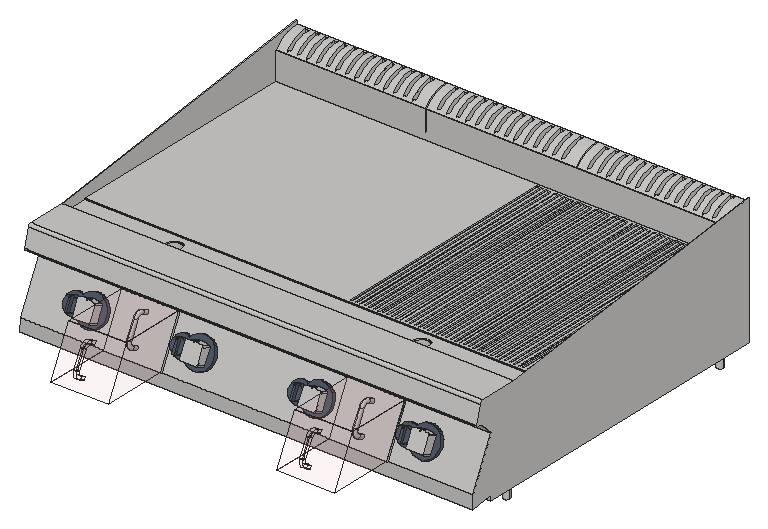
Revit family "QF_ZANUSSI_392407_Z9IIMAAOMIA", category Specialty Equipment, Revit 2018 (continued)
Lines and regions (mm)
  symbolic lines
    curve 353: line (1122.87, -81.438, 0) -> (1122.87, -696.406, 0)
    curve 354: line (1128.87, -696.406, 0) -> (1128.87, -81.438, 0)
    curve 355: line (1134.87, -81.438, 0) -> (1134.87, -696.406, 0)
    curve 356: line (1140.87, -696.406, 0) -> (1140.87, -81.438, 0)
    curve 357: line (1170.87, -81.438, 0) -> (1170.87, -696.406, 0)
    curve 358: line (1176.87, -696.406, 0) -> (1176.87, -81.438, 0)
    curve 359: line (1182.87, -81.438, 0) -> (1182.87, -696.406, 0)
    curve 360: line (1188.87, -696.406, 0) -> (1188.87, -81.438, 0)
    curve 361: line (942.87, -81.438, 0) -> (942.87, -696.406, 0)
    curve 362: line (936.87, -696.406, 0) -> (936.87, -81.438, 0)
    curve 363: line (1146.87, -81.438, 0) -> (1146.87, -696.406, 0)
    curve 364: line (1152.87, -696.406, 0) -> (1152.87, -81.438, 0)
    curve 365: line (1158.87, -81.438, 0) -> (1158.87, -696.406, 0)
    curve 366: line (1164.87, -696.406, 0) -> (1164.87, -81.438, 0)
  symbolic lines, style "QF_Clearances"
    curve 166: line (-150, -915, 0) -> (0, -915, 0)
    curve 167: line (1200, -915, 0) -> (1350, -915, 0)
  symbolic lines, style "QF_Drawer Clearance"
    curve 225: line (224, -915, 0) -> (224, -1092.967, 0)
    curve 226: line (224, -1092.967, 0) -> (293.848, -1092.967, 0)
    curve 227: line (293.848, -1092.967, 0) -> (293.848, -1106, 0)
    curve 228: line (293.848, -1106, 0) -> (303.238, -1106, 0)
    curve 229: line (303.238, -1106, 0) -> (303.238, -1092.967, 0)
    curve 230: line (303.238, -1092.967, 0) -> (376.37, -1092.967, 0)
    curve 231: line (376.37, -1092.967, 0) -> (376.37, -915, 0)
    curve 232: line (824, -915, 0) -> (824, -1092.967, 0)
    curve 233: line (824, -1092.967, 0) -> (893.848, -1092.967, 0)
    curve 234: line (893.848, -1092.967, 0) -> (893.848, -1106, 0)
    curve 235: line (893.848, -1106, 0) -> (903.238, -1106, 0)
    curve 236: line (903.238, -1106, 0) -> (903.238, -1092.967, 0)
    curve 237: line (903.238, -1092.967, 0) -> (976.37, -1092.967, 0)
    curve 238: line (976.37, -1092.967, 0) -> (976.37, -915, 0)
Dimensions and locks
  equal spacing: plane 3 "LEFT", plane 7 "Center Y", plane 4 "RIGHT"
  plane 3 "LEFT" to plane 4 "RIGHT" = 1200 mm
  equal spacing: plane 5 "FRONT", plane 8 "Center X", plane 1 "BACK"
  plane 5 "FRONT" to plane 1 "BACK" = 915 mm
  plane 6 "TOP" to plane 10 = 250 mm  (x2)
  plane 1 "BACK" to plane 9 = 1106 mm  (x3)
  plane 10 to level = 24 mm  (x2)
  plane 11 to plane 10 = 266 mm
  cut or joined group of Extrusion 1, Extrusion 3, Extrusion 4, Extrusion 8, Extrusion 9, Extrusion 27, Extrusion 39 to Extrusion 6 = 274 mm
  plane 12 to level = 410 mm  (x2)
  plane 16 to Extrusion 2 = 369 mm
  plane 13 to plane 3 "LEFT" = 11 mm
  locked: plane 14 to plane 4 "RIGHT" at 11
  plane 1 "BACK" to plane 5 "FRONT" = 915 mm
  plane 10 to Extrusion 5 = 621 mm
  plane 1 "BACK" to Extrusion 5 = 40 mm
  plane 1 "BACK" to Extrusion 2 to Extrusion 2 to plane 5 "FRONT" = 82 mm, 708 mm, 125 mm
  plane 13 to plane 14 = 1178 mm
  Extrusion 5 sketch curve to plane 4 "RIGHT" = 47 mm
  Extrusion 5 sketch curve to plane 1 "BACK" = 40 mm
  plane 15 to level = 900 mm
  plane 1 "BACK" to cut or joined group of Extrusion 1, Extrusion 3, Extrusion 4, Extrusion 8, Extrusion 9, Extrusion 27, Extrusion 39 = 900 mm
  plane 3 "LEFT" to Extrusion 3 = 1198.412 mm
  plane 15 to Extrusion 6 = 274 mm
  aligned and locked: level to plane 2
  aligned and locked: Extrusion 1 to plane 4 "RIGHT"
Automatic sketch dimensions
  Extrusion 1 sketch curve to plane 5 "FRONT" = 0 mm
  Extrusion 1 sketch curve to plane 15 = 0 mm
  Extrusion 1 sketch curve to plane 1 "BACK" = 0 mm
  Extrusion 1 sketch curve to plane 5 "FRONT" = 15.116 mm
  Extrusion 1 sketch curve to Extrusion 1 sketch curve = 2.884 mm
  Extrusion 1 sketch curve to plane 15 = 7.474 mm
  Extrusion 1 sketch curve to plane 5 "FRONT" = 28.167 mm
  Extrusion 1 sketch curve to Extrusion 1 sketch curve = 10.198 mm
  Extrusion 1 sketch curve to plane 5 "FRONT" = 56.355 mm
  Extrusion 1 sketch curve to Extrusion 1 sketch curve = 0.445 mm
  Extrusion 1 sketch curve to Extrusion 1 sketch curve = 3.2 mm
  Extrusion 1 sketch curve to Extrusion 1 sketch curve = 31.82 mm  (x2)
  Extrusion 1 sketch curve to Extrusion 1 sketch curve = 45.515 mm
  Extrusion 1 sketch curve to Extrusion 1 sketch curve = 0.827 mm
  Extrusion 1 sketch curve to Extrusion 1 sketch curve = 120.856 mm
  Extrusion 1 sketch curve to Extrusion 1 sketch curve = 27.08 mm
  Extrusion 1 sketch curve to Extrusion 1 sketch curve = 35 mm
  Extrusion 1 sketch curve to Extrusion 1 sketch curve = 10.259 mm
  Extrusion 2 sketch curve to plane 13 = 0 mm  (x2)
  Extrusion 2 sketch curve to plane 14 = 2 mm  (x2)
  Extrusion 2 sketch curve to plane 5 "FRONT" = 125 mm  (x2)
  plane 1 "BACK" to Extrusion 2 sketch curve = 82 mm  (x2)
  Extrusion 7 sketch curve to plane 15 = 21.588 mm
  Extrusion 7 sketch curve to plane 5 "FRONT" = 137.461 mm
  plane 1 "BACK" to Extrusion 7 sketch curve = 81.438 mm
  Extrusion 7 sketch curve to Extrusion 7 sketch curve = 1.587 mm
  plane 14 to Extrusion 8 sketch curve = 260.6 mm
  Extrusion 8 sketch curve to plane 5 "FRONT" = 171.264 mm
  Extrusion 9 sketch curve to plane 15 = 0 mm
  Extrusion 9 sketch curve to plane 1 "BACK" = 0 mm
  Extrusion 9 sketch curve to plane 16 = 0 mm
  Extrusion 9 sketch curve to plane 5 "FRONT" = 137.461 mm
  Extrusion 11 sketch curve to plane 15 = 0 mm
  Extrusion 11 sketch curve to plane 1 "BACK" = 0 mm
  plane 1 "BACK" to Extrusion 11 sketch curve = 4.947 mm
  Extrusion 11 sketch curve to plane 16 = 39 mm
  plane 1 "BACK" to Extrusion 11 sketch curve = 69.85 mm
  plane 15 to Extrusion 11 sketch curve = 4.793 mm
  plane 1 "BACK" to Extrusion 12 sketch curve = 6.761 mm  (x14)
  Extrusion 12 sketch curve to Extrusion 12 sketch curve = 57.15 mm
  Extrusion 12 sketch curve to Extrusion 12 sketch curve = 0 mm  (x13)
  plane 13 to Extrusion 12 sketch curve = 18.703 mm
  Extrusion 12 sketch curve to Extrusion 12 sketch curve = 9.296 mm  (x14)
  Extrusion 12 sketch curve to Extrusion 12 sketch curve = 16.193 mm  (x13)
  Extrusion 13 sketch curve to plane 15 = 0 mm
  Extrusion 13 sketch curve to plane 1 "BACK" = 0 mm
  plane 1 "BACK" to Extrusion 13 sketch curve = 4.947 mm
  Extrusion 13 sketch curve to plane 16 = 39 mm
  plane 1 "BACK" to Extrusion 13 sketch curve = 69.85 mm
  Extrusion 13 sketch curve to plane 16 = 8.3 mm
  plane 1 "BACK" to Extrusion 14 sketch curve = 6.761 mm  (x14)
  Extrusion 14 sketch curve to plane 7 "Center Y" = 21.274 mm
  Extrusion 14 sketch curve to Extrusion 14 sketch curve = 57.15 mm
  plane 7 "Center Y" to Extrusion 14 sketch curve = 4.214 mm
  Extrusion 14 sketch curve to Extrusion 14 sketch curve = 0 mm  (x13)
  Extrusion 14 sketch curve to Extrusion 14 sketch curve = 16.193 mm  (x12)
  Extrusion 14 sketch curve to Extrusion 14 sketch curve = 9.296 mm  (x14)
  plane 13 to Extrusion 15 sketch curve = 136 mm
  Extrusion 15 sketch curve to Extrusion 15 sketch curve = 2.997 mm  (x3)
  Extrusion 15 sketch curve to Extrusion 15 sketch curve = 20.003 mm  (x2)
  Extrusion 15 sketch curve to Extrusion 15 sketch curve = 40.005 mm
  Extrusion 15 sketch curve to Extrusion 15 sketch curve = 5.399 mm
  Extrusion 15 sketch curve to Extrusion 15 sketch curve = 40.037 mm
  Extrusion 15 sketch curve to Extrusion 15 sketch curve = 0 mm  (x2)
  plane 13 to Extrusion 16 sketch curve = 141.5 mm
  Extrusion 16 sketch curve to Extrusion 16 sketch curve = 35 mm  (x2)
  Extrusion 17 sketch curve to plane 5 "FRONT" = 9.329 mm
  Extrusion 17 sketch curve to plane 15 = 112.016 mm
  Extrusion 17 sketch curve to Extrusion 17 sketch curve = 3 mm
  Extrusion 17 sketch curve to Extrusion 17 sketch curve = 0 mm
  Extrusion 17 sketch curve to Extrusion 17 sketch curve = 1 mm  (x2)
  Extrusion 17 sketch curve to Extrusion 17 sketch curve = 15 mm
  plane 14 to Extrusion 18 sketch curve = 157 mm
  Extrusion 18 sketch curve to Extrusion 18 sketch curve = 2.997 mm  (x3)
  Extrusion 18 sketch curve to Extrusion 18 sketch curve = 20.003 mm  (x2)
  Extrusion 18 sketch curve to Extrusion 18 sketch curve = 40.005 mm
  Extrusion 18 sketch curve to Extrusion 18 sketch curve = 5.399 mm
  Extrusion 18 sketch curve to Extrusion 18 sketch curve = 40.037 mm
  Extrusion 18 sketch curve to Extrusion 18 sketch curve = 0 mm  (x2)
  plane 14 to Extrusion 19 sketch curve = 151.5 mm
  Extrusion 19 sketch curve to Extrusion 19 sketch curve = 35 mm  (x2)
  Extrusion 20 sketch curve to plane 5 "FRONT" = 9.329 mm
  Extrusion 20 sketch curve to plane 15 = 112.016 mm
  Extrusion 20 sketch curve to Extrusion 20 sketch curve = 3 mm
  Extrusion 20 sketch curve to Extrusion 20 sketch curve = 0 mm
  Extrusion 20 sketch curve to Extrusion 20 sketch curve = 1 mm  (x2)
  Extrusion 20 sketch curve to Extrusion 20 sketch curve = 15 mm
  plane 13 to Extrusion 21 sketch curve = 213 mm
  Extrusion 21 sketch curve to Extrusion 21 sketch curve = 135 mm
  Extrusion 21 sketch curve to Extrusion 21 sketch curve = 152 mm
  Sweep 22 sketch curve to plane 5 "FRONT" = 28.401 mm
  Sweep 22 sketch curve to plane 15 = 108.706 mm
  Sweep 22 sketch curve to Sweep 22 sketch curve = 10.999 mm  (x2)
  Sweep 22 sketch curve to Sweep 22 sketch curve = 46.803 mm
  Sweep 22 sketch curve to Sweep 22 sketch curve = 15.875 mm  (x2)
  Sweep 22 sketch curve to profile plane = 0 mm
  profile plane to Sweep 22 sketch curve = 4.691 mm
  plane 9 to Extrusion 23 sketch curve = 73.078 mm
  Extrusion 23 sketch curve to plane 15 = 87.017 mm
  Extrusion 23 sketch curve to Extrusion 23 sketch curve = 156.574 mm
  Extrusion 23 sketch curve to Extrusion 23 sketch curve = 57.244 mm
  Extrusion 23 sketch curve to Extrusion 23 sketch curve = 135 mm  (x2)
  Extrusion 24 sketch curve to Extrusion 24 sketch curve = 0 mm  (x6)
  plane 9 to Extrusion 24 sketch curve = 23.322 mm
  Extrusion 24 sketch curve to plane 15 = 105.731 mm
  Extrusion 24 sketch curve to Extrusion 24 sketch curve = 9.4 mm  (x2)
  Extrusion 24 sketch curve to Extrusion 24 sketch curve = 10.485 mm  (x2)
  Extrusion 24 sketch curve to Extrusion 24 sketch curve = 16.355 mm  (x2)
  Extrusion 24 sketch curve to Extrusion 24 sketch curve = 47.769 mm
  Extrusion 24 sketch curve to Extrusion 24 sketch curve = 0.014 mm
  Extrusion 24 sketch curve to Extrusion 24 sketch curve = 9.369 mm
  Extrusion 24 sketch curve to Extrusion 24 sketch curve = 0.044 mm
  Extrusion 25 sketch curve to plane 15 = 0 mm
  Extrusion 25 sketch curve to plane 1 "BACK" = 0 mm
  plane 1 "BACK" to Extrusion 25 sketch curve = 4.947 mm
  Extrusion 25 sketch curve to plane 16 = 39 mm
  plane 1 "BACK" to Extrusion 25 sketch curve = 69.85 mm
  Extrusion 25 sketch curve to plane 16 = 8.3 mm
  plane 1 "BACK" to Extrusion 26 sketch curve = 6.761 mm  (x14)
  Extrusion 26 sketch curve to Extrusion 26 sketch curve = 57.15 mm
  Extrusion 26 sketch curve to Extrusion 26 sketch curve = 0 mm  (x13)
  plane 7 "Center Y" to Extrusion 26 sketch curve = 225.796 mm
  Extrusion 26 sketch curve to Extrusion 26 sketch curve = 9.296 mm  (x14)
  Extrusion 26 sketch curve to Extrusion 26 sketch curve = 16.193 mm  (x13)
  Extrusion 27 sketch curve to plane 15 = 0 mm
  Extrusion 27 sketch curve to plane 1 "BACK" = 0 mm
  Extrusion 27 sketch curve to plane 16 = 0 mm
  Extrusion 27 sketch curve to plane 5 "FRONT" = 137.461 mm
  plane 7 "Center Y" to Extrusion 29 sketch curve = 224 mm
  Extrusion 29 sketch curve to Extrusion 29 sketch curve = 135 mm
  Extrusion 29 sketch curve to Extrusion 29 sketch curve = 152 mm
  Sweep 30 sketch curve to plane 5 "FRONT" = 28.401 mm
  Sweep 30 sketch curve to plane 15 = 108.706 mm
  Sweep 30 sketch curve to Sweep 30 sketch curve = 10.999 mm  (x2)
  Sweep 30 sketch curve to Sweep 30 sketch curve = 46.803 mm
  Sweep 30 sketch curve to Sweep 30 sketch curve = 15.875 mm  (x2)
  Sweep 30 sketch curve to profile plane = 0 mm
  profile plane to Sweep 30 sketch curve = 4.691 mm
  Extrusion 31 sketch curve to plane 7 "Center Y" = 168 mm
  Extrusion 31 sketch curve to Extrusion 31 sketch curve = 2.997 mm  (x3)
  Extrusion 31 sketch curve to Extrusion 31 sketch curve = 20.003 mm  (x2)
  Extrusion 31 sketch curve to Extrusion 31 sketch curve = 40.005 mm
  Extrusion 31 sketch curve to Extrusion 31 sketch curve = 5.399 mm
  Extrusion 31 sketch curve to Extrusion 31 sketch curve = 40.037 mm
  Extrusion 31 sketch curve to Extrusion 31 sketch curve = 0 mm  (x2)
  Extrusion 32 sketch curve to plane 7 "Center Y" = 162.5 mm
  Extrusion 32 sketch curve to Extrusion 32 sketch curve = 35 mm  (x2)
  Extrusion 33 sketch curve to plane 5 "FRONT" = 9.329 mm
  Extrusion 33 sketch curve to plane 15 = 112.016 mm
  Extrusion 33 sketch curve to Extrusion 33 sketch curve = 3 mm
  Extrusion 33 sketch curve to Extrusion 33 sketch curve = 0 mm
  Extrusion 33 sketch curve to Extrusion 33 sketch curve = 1 mm  (x2)
  Extrusion 33 sketch curve to Extrusion 33 sketch curve = 15 mm
  plane 7 "Center Y" to Extrusion 34 sketch curve = 144.5 mm
  Extrusion 34 sketch curve to Extrusion 34 sketch curve = 2.997 mm  (x3)
  Extrusion 34 sketch curve to Extrusion 34 sketch curve = 20.003 mm  (x2)
  Extrusion 34 sketch curve to Extrusion 34 sketch curve = 40.005 mm
  Extrusion 34 sketch curve to Extrusion 34 sketch curve = 5.399 mm
  Extrusion 34 sketch curve to Extrusion 34 sketch curve = 40.037 mm
  Extrusion 34 sketch curve to Extrusion 34 sketch curve = 0 mm  (x2)
  plane 7 "Center Y" to Extrusion 35 sketch curve = 150 mm
  Extrusion 35 sketch curve to Extrusion 35 sketch curve = 35 mm  (x2)
  Extrusion 36 sketch curve to plane 5 "FRONT" = 9.329 mm
  Extrusion 36 sketch curve to plane 15 = 112.016 mm
  Extrusion 36 sketch curve to Extrusion 36 sketch curve = 3 mm
  Extrusion 36 sketch curve to Extrusion 36 sketch curve = 0 mm
  Extrusion 36 sketch curve to Extrusion 36 sketch curve = 1 mm  (x2)
  Extrusion 36 sketch curve to Extrusion 36 sketch curve = 15 mm
  plane 9 to Extrusion 37 sketch curve = 73.078 mm
  Extrusion 37 sketch curve to plane 15 = 87.017 mm
  Extrusion 37 sketch curve to Extrusion 37 sketch curve = 156.574 mm
  Extrusion 37 sketch curve to Extrusion 37 sketch curve = 57.244 mm
  Extrusion 37 sketch curve to Extrusion 37 sketch curve = 135 mm  (x2)
  Extrusion 38 sketch curve to Extrusion 38 sketch curve = 0 mm  (x6)
  plane 9 to Extrusion 38 sketch curve = 23.322 mm
  Extrusion 38 sketch curve to plane 15 = 105.731 mm
  Extrusion 38 sketch curve to Extrusion 38 sketch curve = 9.4 mm  (x2)
  Extrusion 38 sketch curve to Extrusion 38 sketch curve = 10.485 mm  (x2)
  Extrusion 38 sketch curve to Extrusion 38 sketch curve = 16.355 mm  (x2)
  Extrusion 38 sketch curve to Extrusion 38 sketch curve = 47.769 mm
  Extrusion 38 sketch curve to Extrusion 38 sketch curve = 0.014 mm
  Extrusion 38 sketch curve to Extrusion 38 sketch curve = 9.369 mm
  Extrusion 38 sketch curve to Extrusion 38 sketch curve = 0.044 mm
  plane 13 to Extrusion 39 sketch curve = 260.6 mm
  Extrusion 39 sketch curve to plane 5 "FRONT" = 171.264 mm
  plane 13 to Extrusion 40 sketch curve = 113.505 mm
  Extrusion 40 sketch curve to Extrusion 40 sketch curve = 0 mm
  Extrusion 40 sketch curve to Extrusion 40 sketch curve = 46.19 mm
  Extrusion 40 sketch curve to Extrusion 40 sketch curve = 23.731 mm
  Extrusion 40 sketch curve to Extrusion 40 sketch curve = 13.991 mm
  plane 13 to Extrusion 41 sketch curve = 113.179 mm
  Extrusion 42 sketch curve to Extrusion 42 sketch curve = 0 mm  (x8)
  plane 13 to Extrusion 42 sketch curve = 116.354 mm
  Extrusion 42 sketch curve to Extrusion 42 sketch curve = 17.978 mm
  Extrusion 42 sketch curve to Extrusion 42 sketch curve = 14.541 mm
  Extrusion 42 sketch curve to Extrusion 42 sketch curve = 3.437 mm  (x2)
  Extrusion 42 sketch curve to Extrusion 42 sketch curve = 0.261 mm
  Extrusion 42 sketch curve to Extrusion 42 sketch curve = 2.381 mm
  Extrusion 43 sketch curve to plane 7 "Center Y" = 190.495 mm
  Extrusion 43 sketch curve to Extrusion 43 sketch curve = 0 mm
  Extrusion 43 sketch curve to Extrusion 43 sketch curve = 46.19 mm
  Extrusion 43 sketch curve to Extrusion 43 sketch curve = 23.731 mm
  Extrusion 43 sketch curve to Extrusion 43 sketch curve = 13.991 mm
  Extrusion 44 sketch curve to plane 7 "Center Y" = 190.821 mm
  Extrusion 45 sketch curve to Extrusion 45 sketch curve = 0 mm  (x8)
  Extrusion 45 sketch curve to plane 7 "Center Y" = 187.646 mm
  Extrusion 45 sketch curve to Extrusion 45 sketch curve = 17.978 mm
  Extrusion 45 sketch curve to Extrusion 45 sketch curve = 14.541 mm
  Extrusion 45 sketch curve to Extrusion 45 sketch curve = 3.437 mm  (x2)
  Extrusion 45 sketch curve to Extrusion 45 sketch curve = 0.261 mm
  Extrusion 45 sketch curve to Extrusion 45 sketch curve = 2.381 mm
  plane 7 "Center Y" to Extrusion 46 sketch curve = 122.005 mm
  Extrusion 46 sketch curve to Extrusion 46 sketch curve = 0 mm
  Extrusion 46 sketch curve to Extrusion 46 sketch curve = 46.19 mm
  Extrusion 46 sketch curve to Extrusion 46 sketch curve = 23.731 mm
  Extrusion 46 sketch curve to Extrusion 46 sketch curve = 13.991 mm
  plane 7 "Center Y" to Extrusion 47 sketch curve = 121.679 mm
  Extrusion 48 sketch curve to Extrusion 48 sketch curve = 0 mm  (x8)
  plane 7 "Center Y" to Extrusion 48 sketch curve = 124.854 mm
  Extrusion 48 sketch curve to Extrusion 48 sketch curve = 17.978 mm
  Extrusion 48 sketch curve to Extrusion 48 sketch curve = 14.541 mm
  Extrusion 48 sketch curve to Extrusion 48 sketch curve = 3.437 mm  (x2)
  Extrusion 48 sketch curve to Extrusion 48 sketch curve = 0.261 mm
  Extrusion 48 sketch curve to Extrusion 48 sketch curve = 2.381 mm
  plane 14 to Extrusion 49 sketch curve = 179.495 mm
  Extrusion 49 sketch curve to Extrusion 49 sketch curve = 0 mm
  Extrusion 49 sketch curve to Extrusion 49 sketch curve = 46.19 mm
  Extrusion 49 sketch curve to Extrusion 49 sketch curve = 23.731 mm
  Extrusion 49 sketch curve to Extrusion 49 sketch curve = 13.991 mm
  plane 14 to Extrusion 50 sketch curve = 179.821 mm
  Extrusion 51 sketch curve to Extrusion 51 sketch curve = 0 mm  (x8)
  plane 14 to Extrusion 51 sketch curve = 176.646 mm
  Extrusion 51 sketch curve to Extrusion 51 sketch curve = 17.978 mm
  Extrusion 51 sketch curve to Extrusion 51 sketch curve = 14.541 mm
  Extrusion 51 sketch curve to Extrusion 51 sketch curve = 3.437 mm  (x2)
  Extrusion 51 sketch curve to Extrusion 51 sketch curve = 0.261 mm
  Extrusion 51 sketch curve to Extrusion 51 sketch curve = 2.381 mm
  plane 5 "FRONT" to curve 166 = 0 mm
  curve 128 to plane 3 "LEFT" = 0 mm
  plane 1 "BACK" to curve 9 = 0 mm
  plane 5 "FRONT" to curve 161 = 0 mm
  curve 227 to plane 9 = 0 mm
  curve 127 to plane 7 "Center Y" = 0 mm
  curve 235 to plane 9 = 0 mm
  plane 5 "FRONT" to curve 162 = 0 mm
  curve 162 to plane 4 "RIGHT" = 0 mm
  curve 3 to curve 6 = 150 mm
  plane 3 "LEFT" to curve 9 = 1.588 mm
  plane 13 to curve 13 = 18.703 mm
  curve 14 to curve 12 = 9.296 mm
  curve 12 to curve 16 = 16.193 mm
  curve 16 to curve 19 = 9.296 mm
  plane 1 "BACK" to curve 23 = 6.761 mm
  curve 17 to curve 23 = 16.193 mm
  curve 21 to curve 21 = 9.296 mm
  plane 1 "BACK" to curve 26 = 6.761 mm
  curve 20 to curve 26 = 16.193 mm
  curve 25 to curve 25 = 9.296 mm
  plane 5 "FRONT" to curve 273 = 4.508 mm
  plane 13 to curve 273 = 110.004 mm
  curve 275 to curve 274 = 6.35 mm
  plane 1 "BACK" to curve 31 = 6.761 mm
  curve 24 to curve 31 = 16.193 mm
  curve 29 to curve 29 = 9.296 mm
  plane 5 "FRONT" to curve 129 = 9.347 mm
  curve 275 to curve 129 = 19.646 mm
  curve 129 to curve 130 = 0.809 mm
  curve 133 to curve 133 = 1.583 mm
  curve 130 to curve 131 = 1.846 mm
  curve 130 to curve 144 = 2.189 mm
  curve 28 to curve 33 = 16.193 mm
  curve 129 to curve 132 = 11.892 mm
  curve 33 to curve 32 = 9.296 mm
  curve 136 to plane 5 "FRONT" = 9.329 mm
  curve 133 to curve 136 = 20.417 mm
  plane 9 to curve 134 = 32.481 mm
  curve 144 to curve 134 = 19.134 mm
  curve 134 to curve 143 = 1.738 mm
  curve 135 to curve 136 = 2 mm
  curve 132 to curve 141 = 22.215 mm
  curve 32 to curve 38 = 16.193 mm
  curve 136 to curve 144 = 19.003 mm
  curve 140 to curve 140 = 0.343 mm
  curve 140 to curve 142 = 1.071 mm
  curve 37 to curve 36 = 9.296 mm
  curve 140 to curve 139 = 2.189 mm
  curve 139 to curve 138 = 0.809 mm
  plane 1 "BACK" to curve 40 = 6.761 mm
  curve 36 to curve 40 = 16.193 mm
  curve 40 to curve 42 = 9.296 mm
  plane 9 to curve 225 = 13.033 mm
  curve 143 to curve 225 = 53.131 mm
  plane 1 "BACK" to curve 67 = 6.761 mm
  curve 41 to curve 67 = 16.143 mm
  curve 64 to curve 66 = 9.296 mm
  plane 1 "BACK" to curve 60 = 6.761 mm
  curve 66 to curve 60 = 16.193 mm
  curve 60 to curve 62 = 9.296 mm
  curve 141 to curve 272 = 90.492 mm
  curve 61 to curve 56 = 16.193 mm
  curve 56 to curve 59 = 9.296 mm
  curve 225 to curve 227 = 69.848 mm
  curve 227 to curve 228 = 9.39 mm
  curve 57 to curve 53 = 16.193 mm
  curve 52 to curve 54 = 9.296 mm
  plane 1 "BACK" to curve 49 = 6.761 mm
  curve 54 to curve 49 = 16.193 mm
  curve 49 to curve 48 = 9.296 mm
  plane 1 "BACK" to curve 47 = 6.761 mm
  curve 48 to curve 47 = 16.193 mm
  curve 44 to curve 47 = 9.296 mm
  plane 9 to curve 231 = 13.033 mm
  curve 229 to curve 231 = 73.133 mm
  plane 5 "FRONT" to curve 276 = 4.508 mm
  curve 231 to curve 276 = 29.633 mm
  curve 276 to curve 277 = 6.35 mm
  plane 1 "BACK" to curve 104 = 6.761 mm
  curve 46 to curve 104 = 55.499 mm
  plane 5 "FRONT" to curve 239 = 9.347 mm
  curve 278 to curve 239 = 19.646 mm
  curve 239 to curve 240 = 0.809 mm
  curve 243 to curve 243 = 1.583 mm
  curve 240 to curve 241 = 1.846 mm
  curve 240 to curve 254 = 2.189 mm
  curve 103 to curve 103 = 9.296 mm
  curve 239 to curve 242 = 11.892 mm
  plane 1 "BACK" to curve 106 = 6.761 mm
  curve 102 to curve 106 = 16.193 mm
  curve 245 to plane 5 "FRONT" = 9.329 mm
  curve 243 to curve 245 = 20.417 mm
  curve 230 to curve 244 = 77.761 mm
  curve 244 to curve 253 = 1.738 mm
  curve 245 to curve 246 = 2 mm
  curve 106 to curve 107 = 9.296 mm
  curve 242 to curve 251 = 22.215 mm
  curve 246 to curve 254 = 19.003 mm
  curve 250 to curve 250 = 0.343 mm
  curve 250 to curve 252 = 1.071 mm
  curve 108 to curve 112 = 16.193 mm
  curve 250 to curve 249 = 2.189 mm
  curve 249 to curve 248 = 0.809 mm
  curve 111 to curve 110 = 9.296 mm
  plane 1 "BACK" to curve 117 = 6.761 mm
  curve 110 to curve 117 = 16.193 mm
  curve 115 to curve 114 = 9.296 mm
  curve 252 to curve 165 = 47 mm
  plane 1 "BACK" to curve 121 = 6.761 mm
  curve 114 to curve 121 = 16.193 mm
  curve 119 to curve 118 = 9.296 mm
  plane 1 "BACK" to curve 124 = 6.761 mm
  curve 118 to curve 124 = 16.193 mm
  curve 124 to curve 122 = 9.296 mm
  plane 1 "BACK" to curve 100 = 6.761 mm
  curve 122 to curve 100 = 16.143 mm
  curve 100 to curve 98 = 9.296 mm
  plane 7 "Center Y" to curve 94 = 4.164 mm
  curve 94 to curve 96 = 9.296 mm
  plane 1 "BACK" to curve 90 = 6.761 mm
  curve 96 to curve 90 = 16.193 mm
  curve 90 to curve 92 = 9.296 mm
  plane 1 "BACK" to curve 89 = 6.761 mm
  curve 92 to curve 89 = 16.193 mm
  curve 86 to curve 87 = 9.296 mm
  plane 1 "BACK" to curve 82 = 6.761 mm
  curve 88 to curve 82 = 16.193 mm
  curve 82 to curve 83 = 9.296 mm
  curve 83 to curve 78 = 16.193 mm
  curve 78 to curve 81 = 9.296 mm
  plane 5 "FRONT" to curve 279 = 4.508 mm
  plane 7 "Center Y" to curve 279 = 118.504 mm
  curve 279 to curve 280 = 6.35 mm
  curve 79 to curve 77 = 16.193 mm
  curve 76 to curve 74 = 9.296 mm
  plane 5 "FRONT" to curve 255 = 9.347 mm
  curve 280 to curve 255 = 19.646 mm
  curve 259 to curve 165 = 0.5 mm
  curve 255 to curve 256 = 0.809 mm
  curve 259 to curve 259 = 1.583 mm
  curve 256 to curve 257 = 1.846 mm
  curve 256 to curve 270 = 2.189 mm
  curve 255 to curve 258 = 11.892 mm
  plane 1 "BACK" to curve 73 = 6.761 mm
  curve 74 to curve 73 = 16.193 mm
  curve 70 to curve 73 = 9.296 mm
  curve 262 to plane 5 "FRONT" = 9.329 mm
  curve 259 to curve 262 = 20.417 mm
  plane 9 to curve 260 = 32.481 mm
  curve 257 to curve 260 = 19.134 mm
  curve 260 to curve 269 = 1.738 mm
  curve 261 to curve 262 = 2 mm
  curve 258 to curve 267 = 22.215 mm
  curve 262 to curve 270 = 19.003 mm
  curve 266 to curve 266 = 0.343 mm
  curve 266 to curve 268 = 1.071 mm
  curve 266 to curve 265 = 2.189 mm
  curve 265 to curve 264 = 0.809 mm
  plane 9 to curve 233 = 13.033 mm
  curve 269 to curve 233 = 55.631 mm
  plane 1 "BACK" to curve 202 = 6.761 mm
  curve 72 to curve 202 = 59.406 mm
  curve 201 to curve 201 = 9.296 mm
  plane 1 "BACK" to curve 205 = 6.761 mm
  curve 200 to curve 205 = 16.193 mm
  curve 204 to curve 207 = 9.296 mm
  plane 1 "BACK" to curve 211 = 6.761 mm
  curve 205 to curve 211 = 16.193 mm
  curve 209 to curve 208 = 9.296 mm
  curve 232 to curve 233 = 69.848 mm
  plane 1 "BACK" to curve 215 = 6.761 mm
  curve 208 to curve 215 = 16.193 mm
  curve 233 to curve 237 = 9.39 mm
  curve 213 to curve 212 = 9.296 mm
  plane 1 "BACK" to curve 219 = 6.761 mm
  curve 212 to curve 219 = 16.193 mm
  curve 267 to curve 68 = 149.792 mm
  curve 217 to curve 216 = 9.296 mm
  curve 216 to curve 221 = 16.193 mm
  curve 222 to curve 223 = 9.296 mm
  plane 9 to curve 237 = 13.033 mm
  curve 236 to curve 237 = 73.133 mm
  curve 220 to curve 198 = 16.143 mm
  curve 197 to curve 197 = 9.296 mm
  plane 1 "BACK" to curve 192 = 6.761 mm
  curve 196 to curve 192 = 16.193 mm
  plane 5 "FRONT" to curve 282 = 4.508 mm
  curve 238 to curve 282 = 29.633 mm
  curve 282 to curve 283 = 6.35 mm
  curve 192 to curve 194 = 9.296 mm
  curve 193 to curve 189 = 16.193 mm
  plane 5 "FRONT" to curve 154 = 9.347 mm
  curve 283 to curve 154 = 19.646 mm
  curve 154 to curve 155 = 0.809 mm
  curve 158 to curve 158 = 1.583 mm
  curve 155 to curve 156 = 1.846 mm
  curve 155 to curve 160 = 2.189 mm
  curve 188 to curve 191 = 9.296 mm
  curve 154 to curve 157 = 11.892 mm
  curve 153 to plane 5 "FRONT" = 9.329 mm
  curve 158 to curve 153 = 20.417 mm
  curve 237 to curve 159 = 77.761 mm
  curve 189 to curve 185 = 16.193 mm
  curve 159 to curve 150 = 1.738 mm
  curve 152 to curve 152 = 2 mm
  curve 184 to curve 187 = 9.296 mm
  curve 157 to curve 148 = 22.215 mm
  curve 151 to curve 160 = 19.003 mm
  curve 147 to curve 147 = 0.343 mm
  curve 147 to curve 149 = 1.071 mm
  curve 147 to curve 146 = 2.189 mm
  curve 146 to curve 145 = 0.809 mm
  plane 1 "BACK" to curve 183 = 6.761 mm
  curve 186 to curve 183 = 16.193 mm
  curve 180 to curve 182 = 9.296 mm
  plane 1 "BACK" to curve 179 = 6.761 mm
  curve 182 to curve 179 = 16.193 mm
  curve 176 to curve 178 = 9.296 mm
  plane 1 "BACK" to curve 173 = 6.761 mm
  curve 178 to curve 173 = 16.193 mm
  curve 173 to curve 173 = 9.296 mm
  plane 1 "BACK" to curve 171 = 6.761 mm
  curve 172 to curve 171 = 16.193 mm
  curve 168 to curve 170 = 9.296 mm
  plane 4 "RIGHT" to curve 7 = 1.588 mm
  curve 4 to curve 167 = 150 mm
  curve 134 to curve 143 = 0 mm
  plane 9 to curve 150 = 32.481 mm
  curve 159 to curve 150 = 0 mm
  curve 260 to curve 269 = 0 mm
  plane 9 to curve 253 = 32.481 mm
  curve 244 to curve 253 = 0 mm
  plane 5 "FRONT" to curve 160 = 10.68 mm
  curve 270 to curve 256 = 1.333 mm
  curve 144 to curve 130 = 1.333 mm
  plane 5 "FRONT" to curve 254 = 10.68 mm
  curve 147 to curve 146 = 1.333 mm
  curve 250 to curve 249 = 1.333 mm
  curve 266 to curve 264 = 1.333 mm
  curve 140 to curve 139 = 1.333 mm
  curve 155 to curve 156 = 2.779 mm
  curve 256 to curve 257 = 2.779 mm
  curve 249 to curve 250 = 2.779 mm
  curve 130 to curve 131 = 2.779 mm
  curve 240 to curve 241 = 2.779 mm
  curve 146 to curve 147 = 2.779 mm
  curve 265 to curve 266 = 2.779 mm
  curve 139 to curve 140 = 2.779 mm
  curve 280 to curve 280 = 4.508 mm
  plane 5 "FRONT" to curve 277 = 4.508 mm
  curve 274 to curve 274 = 4.508 mm
  curve 283 to curve 283 = 4.508 mm
  curve 149 to plane 5 "FRONT" = 7.894 mm
  curve 158 to plane 5 "FRONT" = 7.894 mm
  curve 133 to plane 5 "FRONT" = 7.894 mm
  curve 268 to plane 5 "FRONT" = 7.894 mm
  curve 259 to plane 5 "FRONT" = 7.894 mm
  curve 243 to plane 5 "FRONT" = 7.894 mm
  curve 252 to plane 5 "FRONT" = 7.894 mm
  curve 142 to plane 5 "FRONT" = 7.894 mm
  curve 245 to curve 242 = 41.91 mm
  curve 262 to curve 267 = 41.91 mm
  curve 136 to curve 141 = 41.91 mm
  curve 132 to curve 141 = 0 mm
  curve 151 to curve 148 = 41.91 mm
  curve 242 to curve 251 = 0 mm
  curve 258 to curve 267 = 0 mm
  curve 157 to curve 148 = 0 mm
  curve 7 to plane 5 "FRONT" = 137.461 mm
  curve 141 to curve 271 = 120.025 mm
  curve 157 to curve 68 = 120.025 mm
  curve 110 to curve 116 = 57.15 mm
  curve 109 to curve 111 = 0 mm
  curve 19 to curve 22 = 57.15 mm
  curve 104 to curve 106 = 0 mm
  curve 66 to curve 66 = 57.15 mm
  curve 101 to curve 98 = 57.15 mm
  curve 18 to curve 24 = 0 mm
  curve 110 to curve 114 = 0 mm
  curve 98 to curve 96 = 0 mm
  curve 18 to curve 22 = 0 mm
  curve 65 to curve 62 = 0 mm
  curve 70 to curve 70 = 57.15 mm
  curve 95 to curve 92 = 0 mm
  curve 14 to curve 16 = 0 mm
  curve 91 to curve 88 = 0 mm
  curve 61 to curve 58 = 0 mm
  curve 124 to curve 100 = 0 mm
  curve 87 to curve 84 = 0 mm
  curve 83 to curve 80 = 0 mm
  curve 57 to curve 54 = 0 mm
  curve 53 to curve 51 = 0 mm
  curve 77 to curve 70 = 0 mm
  curve 24 to curve 28 = 0 mm
  curve 118 to curve 123 = 0 mm
  curve 168 to curve 168 = 57.15 mm
  curve 172 to curve 168 = 0 mm
  curve 176 to curve 174 = 0 mm
  curve 28 to curve 32 = 0 mm
  curve 180 to curve 176 = 0 mm
  curve 32 to curve 36 = 0 mm
  curve 184 to curve 180 = 0 mm
  curve 36 to curve 40 = 0 mm
  curve 188 to curve 184 = 0 mm
  curve 48 to curve 44 = 0 mm
  curve 192 to curve 188 = 0 mm
  curve 222 to curve 192 = 0 mm
  curve 196 to curve 192 = 0 mm
  curve 218 to curve 221 = 0 mm
  curve 200 to curve 200 = 57.15 mm
  curve 214 to curve 217 = 0 mm
  curve 200 to curve 204 = 0 mm
  curve 206 to curve 210 = 0 mm
  plane 1 "BACK" to curve 198 = 6.761 mm
  plane 1 "BACK" to curve 220 = 6.761 mm
  plane 1 "BACK" to curve 191 = 6.761 mm
  plane 1 "BACK" to curve 187 = 6.761 mm
  plane 1 "BACK" to curve 39 = 6.761 mm
  plane 1 "BACK" to curve 35 = 6.761 mm
  plane 1 "BACK" to curve 52 = 6.761 mm
  plane 1 "BACK" to curve 56 = 6.761 mm
  plane 1 "BACK" to curve 113 = 6.761 mm
  plane 1 "BACK" to curve 18 = 6.761 mm
  plane 1 "BACK" to curve 15 = 6.761 mm
  plane 1 "BACK" to curve 97 = 6.761 mm
  plane 1 "BACK" to curve 81 = 6.761 mm
  plane 1 "BACK" to curve 74 = 6.761 mm
  curve 2 to plane 1 "BACK" = 100 mm
  curve 132 to curve 129 = 9.809 mm
  curve 275 to curve 163 = 4.565 mm
  curve 134 to curve 133 = 0.284 mm
  curve 142 to curve 142 = 0.284 mm
  curve 138 to curve 141 = 9.809 mm
  curve 272 to curve 271 = 20 mm
  curve 242 to curve 239 = 9.809 mm
  curve 278 to curve 243 = 4.565 mm
  curve 243 to curve 243 = 0.284 mm
  curve 252 to curve 253 = 0.284 mm
  curve 248 to curve 251 = 9.809 mm
  curve 258 to curve 255 = 9.809 mm
  curve 281 to curve 164 = 5.065 mm
  curve 260 to curve 259 = 0.284 mm
  curve 268 to curve 269 = 0.284 mm
  curve 264 to curve 267 = 9.809 mm
  curve 69 to curve 68 = 20 mm
  curve 224 to curve 192 = 4.164 mm
  curve 157 to curve 154 = 9.809 mm
  curve 284 to curve 164 = 4.565 mm
  curve 158 to curve 158 = 0.284 mm
  curve 149 to curve 149 = 0.284 mm
  curve 145 to curve 148 = 9.809 mm
  curve 278 to plane 5 "FRONT" = 3.489 mm
  curve 275 to plane 5 "FRONT" = 3.489 mm
  curve 284 to plane 5 "FRONT" = 3.489 mm
  curve 281 to plane 5 "FRONT" = 3.489 mm
  curve 133 to curve 133 = 0.567 mm
  curve 252 to curve 252 = 0.567 mm
  curve 243 to curve 243 = 0.567 mm
  curve 259 to curve 259 = 0.567 mm
  curve 158 to curve 158 = 0.567 mm
  curve 268 to curve 268 = 0.567 mm
  curve 142 to curve 142 = 0.567 mm
  curve 149 to curve 149 = 0.567 mm
  curve 259 to curve 258 = 1.156 mm
  curve 7 to curve 8 = 70 mm
  curve 10 to curve 169 = 7.527 mm
  curve 10 to curve 126 = 1.588 mm
  plane 3 "LEFT" to Extrusion 3 sketch curve = 1.588 mm
  plane 1 "BACK" to Extrusion 3 sketch curve = 69.85 mm
  Extrusion 3 sketch curve to Extrusion 3 sketch curve = 1.588 mm
  plane 4 "RIGHT" to Extrusion 3 sketch curve = 1.588 mm
  plane 4 "RIGHT" to Extrusion 4 sketch curve = 1.588 mm
  plane 1 "BACK" to Extrusion 4 sketch curve = 71.438 mm
  plane 3 "LEFT" to Extrusion 4 sketch curve = 1.588 mm
  Extrusion 4 sketch curve to plane 5 "FRONT" = 137.461 mm
  plane 14 to Extrusion 5 sketch curve = 36 mm
  Extrusion 5 sketch curve to plane 8 "Center X" = 196.5 mm
  plane 5 "FRONT" to Extrusion 6 sketch curve = 0 mm  (x2)
  Extrusion 6 sketch curve to plane 3 "LEFT" = 0 mm
  Extrusion 6 sketch curve to plane 4 "RIGHT" = 0 mm
  plane 1 "BACK" to Extrusion 6 sketch curve = 0 mm
  Extrusion 6 sketch curve to plane 3 "LEFT" = 150 mm
  Extrusion 6 sketch curve to plane 4 "RIGHT" = 150 mm
  Extrusion 6 sketch curve to plane 1 "BACK" = 100 mm
  plane 4 "RIGHT" to Extrusion 10 sketch curve = 1.588 mm
  plane 3 "LEFT" to Extrusion 10 sketch curve = 1.588 mm
  plane 1 "BACK" to Extrusion 10 sketch curve = 71.438 mm
  Extrusion 10 sketch curve to plane 5 "FRONT" = 207.461 mm
  Extrusion 1 to Extrusion 28 sketch curve = 42 mm
  Extrusion 1 to Extrusion 28 sketch curve = 47 mm
  Extrusion 52 sketch curve to plane 15 = 19 mm  (x7)
  Extrusion 52 sketch curve to Extrusion 52 sketch curve = 0 mm  (x34)
  plane 14 to Extrusion 52 sketch curve = 0.53 mm
  Extrusion 52 sketch curve to Extrusion 52 sketch curve = 2 mm  (x41)
  plane 14 to Extrusion 52 sketch curve = 0.13 mm
  Extrusion 52 sketch curve to Extrusion 52 sketch curve = 5.2 mm  (x41)
  Extrusion 52 sketch curve to Extrusion 52 sketch curve = 0.4 mm  (x81)
  Extrusion 52 sketch curve to Extrusion 52 sketch curve = 6 mm  (x40)
  curve 323 to curve 78 = 3.247 mm
  curve 323 to curve 322 = 6 mm
  curve 322 to curve 285 = 6 mm
  curve 285 to curve 286 = 6 mm
  curve 286 to curve 287 = 6 mm
  curve 287 to curve 288 = 6 mm
  curve 288 to curve 289 = 6 mm
  curve 289 to curve 290 = 6 mm
  curve 290 to curve 291 = 6 mm
  curve 291 to curve 292 = 6 mm
  curve 292 to curve 293 = 6 mm
  curve 293 to curve 294 = 6 mm
  curve 294 to curve 295 = 6 mm
  curve 295 to curve 296 = 6 mm
  curve 296 to curve 297 = 6 mm
  curve 297 to curve 298 = 6 mm
  curve 298 to curve 299 = 6 mm
  curve 299 to curve 300 = 6 mm
  curve 300 to curve 301 = 6 mm
  curve 301 to curve 302 = 6 mm
  curve 302 to curve 303 = 6 mm
  curve 303 to curve 304 = 6 mm
  curve 304 to curve 305 = 6 mm
  curve 305 to curve 306 = 6 mm
  curve 306 to curve 307 = 6 mm
  curve 307 to curve 308 = 6 mm
  curve 308 to curve 309 = 6 mm
  curve 309 to curve 310 = 6 mm
  curve 310 to curve 311 = 6 mm
  curve 311 to curve 312 = 6 mm
  curve 312 to curve 313 = 6 mm
  curve 313 to curve 314 = 6 mm
  curve 314 to curve 315 = 6 mm
  curve 315 to curve 316 = 6 mm
  curve 316 to curve 317 = 6 mm
  curve 317 to curve 318 = 6 mm
  curve 318 to curve 319 = 6 mm
  curve 319 to curve 320 = 6 mm
  curve 320 to curve 321 = 6 mm
  curve 321 to curve 362 = 6 mm
  curve 362 to curve 361 = 6 mm
  curve 361 to curve 324 = 6 mm
  curve 324 to curve 325 = 6 mm
  curve 325 to curve 326 = 6 mm
  curve 326 to curve 327 = 6 mm
  curve 327 to curve 328 = 6 mm
  curve 328 to curve 329 = 6 mm
  curve 329 to curve 330 = 6 mm
  curve 330 to curve 331 = 6 mm
  curve 331 to curve 332 = 6 mm
  curve 332 to curve 333 = 6 mm
  curve 333 to curve 334 = 6 mm
  curve 334 to curve 335 = 6 mm
  curve 335 to curve 336 = 6 mm
  curve 336 to curve 337 = 6 mm
  curve 337 to curve 338 = 6 mm
  curve 338 to curve 339 = 6 mm
  curve 339 to curve 340 = 6 mm
  curve 340 to curve 341 = 6 mm
  curve 341 to curve 342 = 6 mm
  curve 342 to curve 343 = 6 mm
  curve 343 to curve 344 = 6 mm
  curve 344 to curve 345 = 6 mm
  curve 345 to curve 346 = 6 mm
  curve 346 to curve 347 = 6 mm
  curve 347 to curve 348 = 6 mm
  curve 348 to curve 349 = 6 mm
  curve 349 to curve 350 = 6 mm
  curve 350 to curve 351 = 6 mm
  curve 351 to curve 352 = 6 mm
  curve 352 to curve 353 = 6 mm
  curve 353 to curve 354 = 6 mm
  curve 354 to curve 355 = 6 mm
  curve 355 to curve 356 = 6 mm
  curve 356 to curve 363 = 6 mm
  curve 363 to curve 364 = 6 mm
  curve 364 to curve 365 = 6 mm
  curve 365 to curve 366 = 6 mm
  curve 366 to curve 357 = 6 mm
  curve 357 to curve 358 = 6 mm
  curve 358 to curve 359 = 6 mm
  plane 14 to curve 360 = 0.13 mm
  curve 258 to curve 323 = 167.355 mm
  curve 68 to curve 308 = 47.329 mm
  curve 307 to curve 308 = 0 mm  (x2)
  curve 306 to curve 307 = 0 mm  (x2)
  curve 323 to curve 322 = 0 mm  (x2)
  curve 8 to curve 353 = 11.133 mm
  curve 349 to curve 353 = 0 mm
  curve 305 to curve 306 = 0 mm  (x2)
  curve 304 to curve 305 = 0 mm  (x2)
  curve 349 to curve 351 = 0 mm
  curve 308 to curve 309 = 0 mm  (x2)
  curve 68 to curve 321 = 47.329 mm
  curve 309 to curve 310 = 0 mm  (x2)
  curve 310 to curve 311 = 0 mm  (x2)
  curve 352 to curve 353 = 0 mm  (x2)
  curve 353 to curve 354 = 0 mm  (x2)
  curve 320 to curve 321 = 0 mm  (x2)
  curve 321 to curve 325 = 0 mm
  curve 325 to curve 326 = 0 mm  (x2)
  curve 354 to curve 355 = 0 mm  (x2)
  curve 319 to curve 320 = 0 mm  (x2)
  curve 326 to curve 327 = 0 mm  (x2)
  curve 327 to curve 328 = 0 mm
  curve 318 to curve 319 = 0 mm  (x2)
  curve 322 to curve 285 = 0 mm  (x2)
  curve 324 to curve 325 = 0 mm  (x2)
  curve 285 to curve 286 = 0 mm  (x2)
  curve 286 to curve 287 = 0 mm  (x2)
  curve 8 to curve 357 = 11.133 mm
  curve 357 to curve 358 = 0 mm  (x2)
  curve 287 to curve 288 = 0 mm  (x2)
  curve 288 to curve 289 = 0 mm  (x2)
  curve 358 to curve 359 = 0 mm  (x2)
  curve 328 to curve 329 = 0 mm  (x2)
  curve 359 to curve 360 = 0 mm  (x2)
  curve 329 to curve 330 = 0 mm  (x2)
  curve 289 to curve 290 = 0 mm  (x2)
  curve 290 to curve 291 = 0 mm  (x2)
  curve 330 to curve 331 = 0 mm  (x2)
  curve 331 to curve 332 = 0 mm  (x2)
  curve 348 to curve 349 = 0 mm  (x2)
  curve 311 to curve 312 = 0 mm  (x2)
  curve 312 to curve 313 = 0 mm  (x2)
  curve 361 to curve 324 = 0 mm  (x2)
  curve 291 to curve 292 = 0 mm  (x2)
  curve 292 to curve 293 = 0 mm  (x2)
  curve 313 to curve 314 = 0 mm  (x2)
  curve 321 to curve 362 = 0 mm  (x2)
  curve 332 to curve 333 = 0 mm  (x2)
  curve 293 to curve 294 = 0 mm  (x2)
  curve 294 to curve 295 = 0 mm  (x2)
  curve 355 to curve 356 = 0 mm  (x2)
  curve 350 to curve 351 = 0 mm  (x2)
  curve 295 to curve 296 = 0 mm  (x2)
  curve 296 to curve 297 = 0 mm  (x2)
  curve 314 to curve 315 = 0 mm  (x2)
  curve 315 to curve 316 = 0 mm  (x2)
  curve 297 to curve 298 = 0 mm  (x2)
  curve 333 to curve 334 = 0 mm  (x2)
  curve 298 to curve 299 = 0 mm  (x2)
  curve 347 to curve 348 = 0 mm  (x2)
  curve 334 to curve 335 = 0 mm  (x2)
  curve 335 to curve 336 = 0 mm  (x2)
  curve 356 to curve 363 = 0 mm  (x2)
  curve 346 to curve 347 = 0 mm  (x2)
  curve 303 to curve 304 = 0 mm  (x2)
  curve 363 to curve 364 = 0 mm  (x2)
  curve 299 to curve 300 = 0 mm  (x2)
  curve 300 to curve 301 = 0 mm  (x2)
  curve 364 to curve 365 = 0 mm  (x2)
  curve 365 to curve 366 = 0 mm
  curve 336 to curve 337 = 0 mm  (x2)
  curve 301 to curve 302 = 0 mm  (x2)
  curve 317 to curve 318 = 0 mm  (x2)
  curve 337 to curve 338 = 0 mm  (x2)
  curve 345 to curve 346 = 0 mm  (x2)
  curve 344 to curve 345 = 0 mm  (x2)
  curve 338 to curve 339 = 0 mm  (x2)
  curve 339 to curve 340 = 0 mm  (x2)
  curve 343 to curve 344 = 0 mm  (x2)
  curve 342 to curve 343 = 0 mm  (x2)
  curve 340 to curve 341 = 0 mm  (x2)
  curve 341 to curve 184 = 17.527 mm
  curve 341 to curve 342 = 0 mm
  curve 326 to curve 328 = 0 mm
  curve 323 to curve 78 = 17.527 mm
  curve 349 to curve 350 = 0 mm
  curve 321 to curve 217 = 17.527 mm
  curve 316 to curve 317 = 0 mm
  curve 366 to curve 169 = 17.527 mm
  curve 351 to curve 352 = 0 mm
  curve 366 to curve 357 = 0 mm
  radius of Extrusion 2 sketch curve = 8.5 mm  (x4)
  radius of Extrusion 8 sketch curve = 20 mm
  radius of Sweep 22 sketch curve = 4.691 mm
  radius of Sweep 30 sketch curve = 4.691 mm
  radius of Extrusion 39 sketch curve = 20 mm
  radius of Extrusion 41 sketch curve = 19.05 mm
  radius of Extrusion 44 sketch curve = 19.05 mm
  radius of Extrusion 47 sketch curve = 19.05 mm
  radius of Extrusion 50 sketch curve = 19.05 mm
  radius of Extrusion 5 sketch curve = 6.35 mm  (x2)
  radius of Extrusion 28 sketch curve = 6.5 mm
Connectors
  piping at (1153, -654, 645), diameter 13
    settings: on Extrusion 5, index 1, connector inside diameter 24", connector length 0 mm, flow factor 0, pipe flow 0 GPM, pressure drop 0.00 psi, fitting loss kfactor 0, connector angle 0.00°, fixture units 0, engagement length 0 mm, angle of deflection 0.00°, flow configuration 0, flow direction 0, fitting loss method 0, system type 22, joint type 0, gender type 0, connector reference index -1, connector utility 0, adjustable connector no, is connector primary yes, connector description "GAS"
  piping at (1153, -40, 645), diameter 13
    settings: on Extrusion 5, index 2, connector inside diameter 24", connector length 0 mm, flow factor 0, pipe flow 0 GPM, pressure drop 0.00 psi, fitting loss kfactor 0, connector angle 0.00°, fixture units 0, engagement length 0 mm, angle of deflection 0.00°, flow configuration 0, flow direction 0, fitting loss method 0, system type 22, joint type 0, gender type 0, connector reference index -1, connector utility 0, adjustable connector no, is connector primary no, connector description "GAS"
  piping at (1153, 10, 692), diameter 13
    settings: on Extrusion 28, index 3, connector inside diameter 24", connector length 0 mm, flow factor 0, pipe flow 0 GPM, pressure drop 0.00 psi, fitting loss kfactor 0, connector angle 0.00°, fixture units 0, engagement length 0 mm, angle of deflection 0.00°, flow configuration 0, flow direction 0, fitting loss method 0, system type 22, joint type 0, gender type 0, connector reference index -1, connector utility 0, adjustable connector no, is connector primary no, connector description "GAS"
